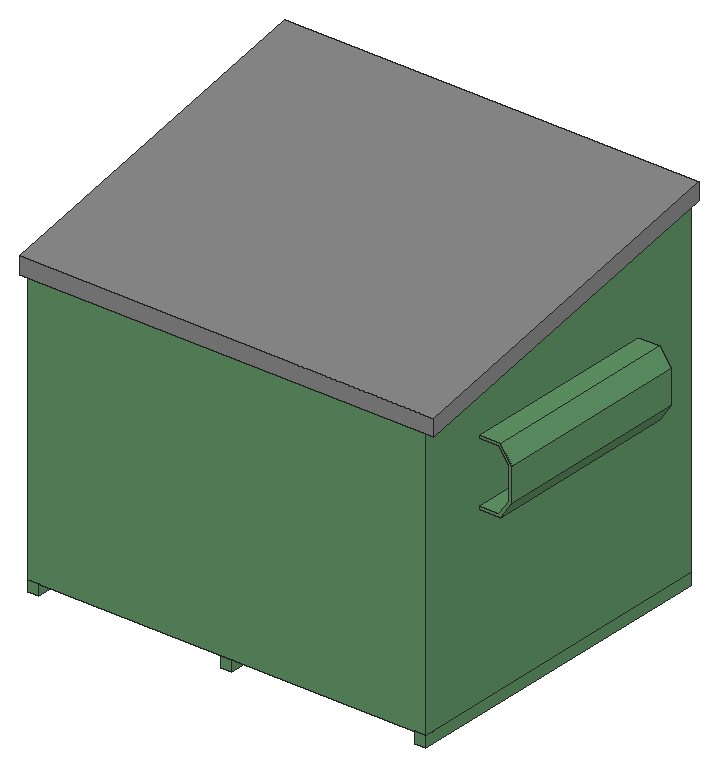
Revit family
Parameters
  Depth = 1525.00 mm
  Length = 1830.00 mm
Reference planes
  plane 1 "Center (Front/Back)": y = 0
  plane 2: z = 0
  plane 3 "Center (Left/Right)": x = 0
  plane 4: x = -915
  plane 5: x = 915
  plane 6: y = 762.5
  plane 7: y = -762.5
  plane 8: z = 1371.6
  plane 9: z = 1676.4
  plane 10: x = 1067.4
  plane 11: x = -1067.4
  plane 12: z = 1155.963
  plane 13: z = 851.163
  plane 14: x = 1016.6
  plane 15: z = 927.363
  plane 16: z = 1079.763
  plane 17: y = -457.2
  plane 18: y = 457.2
  plane 19: x = -1016
  plane 20: x = -952.5
  plane 21: x = 952.5
Forms (mm)
  Extrusion 1, solid, material "Metal - Paint Finish - Green, Glossy"
    sketch origin (0, 0, 0) x (0, 1, 0) y (0, 0, 1)
      loop
        line (762.5, 50.8) -> (762.5, 1600.2) -> (-762.5, 1295.4) -> (-762.5, 50.8) -> (762.5, 50.8)
    from -915 to 915
  Extrusion 2, solid, material "Metal - Paint Finish - Green, Glossy"
    sketch origin (915, -762.5, 1295.4) x (-1, 0, 0) y (0, 0, -1)
      loop
        line (0, 139.437) -> (0, 152.137) -> (-94.803, 152.137) -> (-139.7, 219.482) -> (-139.7, 364.192) -> (-94.803, 431.537) -> (0, 431.537) -> (0, 444.237) -> (-101.6, 444.237) -> (-152.4, 368.037) -> (-152.4, 215.637) -> (-101.6, 139.437) -> (0, 139.437)
    from -1219.7 to -305.3
  Extrusion 3, solid, material "Metal - Paint Finish - Green, Glossy"
    sketch origin (-914.4, -762, 1371.6) x (1, 0, 0) y (0, 0, 1)
      loop
        line (-0.6, -215.637) -> (-101.6, -215.637) -> (-153, -291.837) -> (-153, -444.237) -> (-101.6, -520.437) -> (-0.6, -520.437) -> (-0.6, -507.737) -> (-94.803, -507.737) -> (-140.3, -440.392) -> (-140.3, -295.682) -> (-94.803, -228.337) -> (-0.6, -228.337) -> (-0.6, -215.637)
    from -1219.2 to -304.8
  Extrusion 4, solid, material "Metal - Paint Finish - Green, Glossy"
    sketch origin (915, -762.5, 1295.4) x (-1, 0, 0) y (0, 0, -1)
      loop
        line (1830, 1244.6) -> (1830, 1295.4) -> (1779.2, 1295.4) -> (1779.2, 1244.6) -> (1830, 1244.6)
      loop
        line (0, 1244.6) -> (50.8, 1244.6) -> (50.8, 1295.4) -> (0, 1295.4) -> (0, 1244.6)
      loop
        line (889.6, 1244.6) -> (940.4, 1244.6) -> (940.4, 1295.4) -> (889.6, 1295.4) -> (889.6, 1244.6)
    from -1525 to 0
  Extrusion 5, solid, material "Metal - Paint Finish - Dark Gray, Matte"
    sketch origin (915, 0, 0) x (0, 1, 0) y (0, 0, 1)
      loop
        line (-762.5, 1371.6) -> (-762.5, 1295.4) -> (762.5, 1600.2) -> (762.5, 1676.4) -> (-762.5, 1371.6)
    from -1866.9 to 38.1
Lines and regions (mm)
  symbolic lines, style "Site Accessories"
    curve 1: line (-915, 762.5, 0) -> (915, 762.5, 0)
    curve 2: line (-915, -762.5, 0) -> (-915, 762.5, 0)
    curve 3: line (915, -762.5, 0) -> (-915, -762.5, 0)
    curve 4: line (915, 762.5, 0) -> (915, -762.5, 0)
    curve 5: line (915, 457.2, 0) -> (1067.4, 457.2, 0)
    curve 6: line (1067.4, 457.2, 0) -> (1067.4, -457.2, 0)
    curve 7: line (1067.4, -457.2, 0) -> (915, -457.2, 0)
    curve 8: line (1016.6, -457.2, 0) -> (1016.6, 457.2, 0)
    curve 9: line (-915, 457.2, 0) -> (-1067.4, 457.2, 0)
    curve 10: line (-1067.4, 457.2, 0) -> (-1067.4, -457.2, 0)
    curve 11: line (-1067.4, -457.2, 0) -> (-915, -457.2, 0)
    curve 12: line (-1016, 457.2, 0) -> (-1016, -457.2, 0)
Dimensions and locks
  "Length": plane 4 to plane 5
  "Depth": plane 7 to plane 6
  equal spacing: plane 4, plane 3 "Center (Left/Right)", plane 5
  equal spacing: plane 7, plane 1 "Center (Front/Back)", plane 6
  plane 11 to plane 4 = 152.40 mm
  plane 5 to plane 10 = 152.40 mm
  plane 12 to plane 13 = 304.80 mm
  locked: plane 14 to plane 10 at 50.8
  plane 12 to plane 16 = 76.20 mm
  plane 15 to plane 13 = 76.20 mm
  plane 10 to plane 5 = 152.40 mm
  locked: plane 2 to Extrusion 1 sketch curve at 50.8
  aligned and locked: Extrusion 1 to plane 5
  aligned and locked: plane 4 to Extrusion 1
  aligned and locked: Extrusion 2 to plane 18
  aligned and locked: plane 17 to Extrusion 2
  aligned and locked: Extrusion 4 sketch curve to Extrusion 1  (x5)
  aligned and locked: level to Extrusion 4 sketch curve  (x3)
  aligned and locked: Extrusion 4 to plane 6
  aligned and locked: Extrusion 1 sketch curve to Extrusion 5
Automatic sketch dimensions
  Extrusion 2 sketch curve to plane 10 = 0.00 mm
  plane 15 to Extrusion 2 sketch curve = 3.845 mm
  Extrusion 2 sketch curve to plane 16 = 3.845 mm
  Extrusion 2 sketch curve to plane 13 = 0.00 mm
  Extrusion 2 sketch curve to plane 14 = 0.00 mm  (x2)
  Extrusion 2 sketch curve to plane 12 = 0.00 mm
  plane 14 to Extrusion 2 sketch curve = 6.797 mm  (x2)
  Extrusion 2 sketch curve to plane 5 = 0.00 mm  (x2)
  Extrusion 2 sketch curve to plane 16 = 0.00 mm
  Extrusion 2 sketch curve to plane 15 = 0.00 mm
  Extrusion 2 sketch curve to Extrusion 2 sketch curve = 12.70 mm
  Extrusion 2 sketch curve to plane 12 = 12.70 mm
  plane 13 to Extrusion 2 sketch curve = 12.70 mm
  Extrusion 3 sketch curve to plane 11 = 0.00 mm
  Extrusion 3 sketch curve to plane 13 = 0.00 mm
  Extrusion 3 sketch curve to plane 19 = 0.00 mm  (x2)
  Extrusion 3 sketch curve to plane 12 = 0.00 mm
  Extrusion 3 sketch curve to plane 4 = 0.00 mm  (x2)
  Extrusion 3 sketch curve to plane 15 = 0.00 mm
  Extrusion 3 sketch curve to plane 16 = 0.00 mm
  plane 15 to Extrusion 3 sketch curve = 3.845 mm
  plane 11 to Extrusion 3 sketch curve = 12.70 mm
  plane 19 to Extrusion 3 sketch curve = 6.797 mm  (x2)
  plane 13 to Extrusion 3 sketch curve = 12.70 mm
  Extrusion 3 sketch curve to plane 16 = 3.845 mm
  Extrusion 3 sketch curve to plane 12 = 12.70 mm
  plane 5 to Extrusion 4 sketch curve = 50.80 mm
  plane 3 "Center (Left/Right)" to Extrusion 4 sketch curve = 25.40 mm
  Extrusion 4 sketch curve to plane 3 "Center (Left/Right)" = 25.40 mm
  Extrusion 4 sketch curve to Extrusion 4 sketch curve = 50.80 mm
  Extrusion 5 sketch curve to plane 7 = 0.00 mm
  Extrusion 5 sketch curve to plane 6 = 0.00 mm
  Extrusion 5 sketch curve to plane 8 = 0.00 mm
  Extrusion 5 sketch curve to plane 9 = 0.00 mm
  Extrusion 5 sketch curve to Extrusion 5 sketch curve = 76.20 mm  (x2)
  Extrusion 1 sketch curve to plane 7 = 0.00 mm
  Extrusion 1 sketch curve to plane 6 = 0.00 mm
  curve 11 to plane 11 = 0.00 mm
  curve 12 to plane 19 = 0.00 mm
  curve 2 to plane 4 = 0.00 mm
  curve 4 to plane 5 = 0.00 mm
  curve 8 to plane 14 = 0.00 mm
  curve 5 to plane 10 = 0.00 mm
  curve 4 to plane 7 = 0.00 mm
  curve 7 to plane 17 = 0.00 mm
  curve 11 to plane 17 = 0.00 mm
  curve 5 to plane 18 = 0.00 mm
  curve 9 to plane 18 = 0.00 mm
  curve 1 to plane 6 = 0.00 mm
